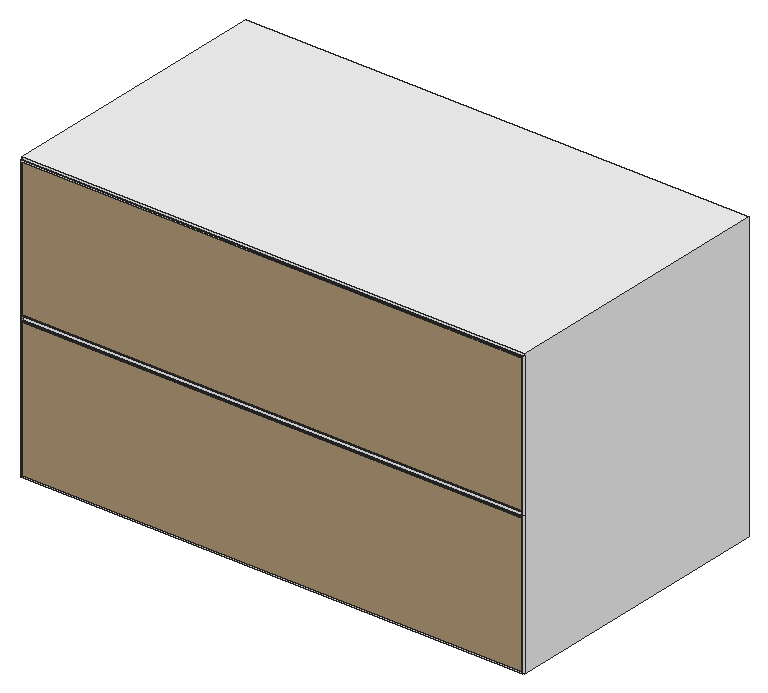
Revit family "vanity unit-hansgrohe-54190XXX-Xevolos E Vanity unit Matt White 980_550 with 2 drawers for consoles with countertop basin ground", category Furniture, Revit 2019
Family settings
  OmniClass Number = 23.40.00.00
  OmniClass Title = Equipment and Furnishings
  Work Plane-Based = No
  Always vertical = Yes
  Cut with Voids When Loaded = No
  Shared = Yes
  Room Calculation Point = No
Parameters (values of type "54190390-MATT_WHITE-PATTEREND_BRONZE-200")
  etim7_EC011381 = "EC011381"
  WEIGHT = "48.4"
  UNSPSC = "56 | Furniture and Furnishings"
  UNIFORMATII = "E2010 | Fixed Furnishings"
  UNICLASS_2015_CODE = "40_30_78_05"
  UNICLASS2015 = "Pr_40_30_78_05 | Bathroom furniture"
  SURFACE = "PATTEREND_BRONZE"
  REGION = "Worldwide"
  PRODUCTURL = "https://pro.hansgrohe.com/articledetail--54190320"
  PERMALINK = "54190XXX"
  OMNICLASS = "23-21 19 15 33 13 | Residential Bathroom Specialty Casework"
  OBJECTTYPE = "Object (single object)"
  OBERFLAECHE = "MATT_WHITE"
  NN = "Vanity unit with 2 drawers for consoles with countertop basin ground"
  NBSYN = "$ARTNR.-$OBERFLAECHE.-$SURFACE.-$LODLEVEL."
  NB = "54190390-MATT_WHITE-PATTEREND_BRONZE-200"
  NAME = "Xevolos E Vanity unit Matt White 980/550 with 2 drawers for consoles with countertop basin ground"
  Model = "54190390-MATT_WHITE-PATTEREND_BRONZE-200"
  Manufacturer = "Hansgrohe"
  MIdent = "{$CADENAS_DATA/23d-libs/hansgrohe/xevolos_furniture/e_vanity_unit_2_drawers_console_countertop_basin/vanity_unit_2drawers_consoles_countertop_basin.prj},291 {VTYP=3D},{NB=54190390-MATT_WHITE-PATTEREND_BRONZE-200},{LINA=54190390-MATT_WHITE-PATTEREND_BRONZE-200},{NN=Vanity unit with 2 drawers for consoles with countertop basin ground},{DATE=13.03.2023 11:45:48},{GEOMDATE=12.03.2023 06:32:00},{VERSION=},{LINEID=110},{WBVAR=LODLEVEL},{WBNUMERIC=}  {NB=54190390-MATT_WHITE-PATTEREND_BRONZE-200},{LINA=54190390-MATT_WHITE-PATTEREND_BRONZE-200},{KT=DUMMY},{IDNR=11},{ARTNR=54190390},{BASENUMBER=54190},{MODEL=54190XXX},{OBERFLAECHE=MATT_WHITE},{SURFACE=PATTEREND_BRONZE},{L=980},{LODLEVEL=200},{LODLEVELX='400','400','200','200'},{NAME=Xevolos E Vanity unit Matt White 980/550 with 2 drawers for consoles with countertop basin ground},{PERMALINK=54190XXX},{OBJECTTYPE=Object (single object)},{BIMOBJECT=Sanitary: Compound units},{COLLECTIONSET=Xevolos E},{COLLECTION=vanity unit},{WEIGHT=48.4},{DESCRIPTION=Xevolos E Vanity unit Matt White 980/550 with 2 drawers for consoles with countertop basin ground},{PRODUCTURL=https://pro.hansgrohe.com/articledetail--54190320},{GTINCODE=0},{TENDERURL=0},{IFC=Furnishing element},{ETIM=EC011381 | Bathroom furniture set},{UNICLASS2015=Pr_40_30_78_05 | Bathroom furniture},{OMNICLASS=23-21 19 15 33 13 | Residential Bathroom Specialty Casework},{MASTERFORMAT=12 35 30.23 | Bathroom Casework},{UNSPSC=56 | Furniture and Furnishings},{UNIFORMATII=E2010 | Fixed Furnishings},{REGION=Worldwide},{DESIGN=Germany},{MANUFACTURER=Germany}"
  MASTERFORMAT = "12 35 30.23 | Bathroom Casework"
  LODLEVEL = "200"
  LINA = "54190390-MATT_WHITE-PATTEREND_BRONZE-200"
  L = 980
  IFC = "Furnishing element"
  IDNR = 11
  ETIM = "EC011381 | Bathroom furniture set"
  DESIGN = "Germany"
  COLLECTIONSET = "Xevolos E"
  COLLECTION = "vanity unit"
  CATALOG = "Hansgrohe"
  BIMOBJECT = "Sanitary: Compound units"
  BASENUMBER = "54190"
  ARTNR = "54190390"
  54190730-MATT_WHITE-DARK_OAK-400_RX0RY0RZ0TX0TY0TZ0_V = no
  54190730-MATT_WHITE-DARK_OAK-200_RX0RY0RZ0TX0TY0TZ0_V = no
  54190390-MATT_WHITE-PATTEREND_BRONZE-400_RX0RY0RZ0TX0TY0TZ0_V = no
  54190390-MATT_WHITE-PATTEREND_BRONZE-200_RX0RY0RZ0TX0TY0TZ0_V = yes
  54190320-MATT_WHITE-METALLIC_WHITE-400_RX0RY0RZ0TX0TY0TZ0_V = no
  54190320-MATT_WHITE-METALLIC_WHITE-200_RX0RY0RZ0TX0TY0TZ0_V = no
Types (6, lengths in mm): name | SURFACE | NB | Model | MIdent | LODLEVEL | LINA | IDNR | ARTNR | 54190730-MATT_WHITE-DARK_OAK-400_RX0RY0RZ0TX0TY0TZ0_V | 54190730-MATT_WHITE-DARK_OAK-200_RX0RY0RZ0TX0TY0TZ0_V | 54190390-MATT_WHITE-PATTEREND_BRONZE-400_RX0RY0RZ0TX0TY0TZ0_V | 54190390-MATT_WHITE-PATTEREND_BRONZE-200_RX0RY0RZ0TX0TY0TZ0_V | 54190320-MATT_WHITE-METALLIC_WHITE-400_RX0RY0RZ0TX0TY0TZ0_V | 54190320-MATT_WHITE-METALLIC_WHITE-200_RX0RY0RZ0TX0TY0TZ0_V
  54190320-MATT_WHITE-METALLIC_WHITE-200 | "METALLIC_WHITE" | "54190320-MATT_WHITE-METALLIC_WHITE-200" | "54190320-MATT_WHITE-METALLIC_WHITE-200" | "{$CADENAS_DATA/23d-libs/hansgrohe/xevolos_furniture/e_vanity_unit_2_drawers_console_countertop_basin/vanity_unit_2drawers_consoles_countertop_basin.prj},287 {VTYP=3D},{NB=54190320-MATT_WHITE-METALLIC_WHITE-200},{LINA=54190320-MATT_WHITE-METALLIC_WHITE-200},{NN=Vanity unit with 2 drawers for consoles with countertop basin ground},{DATE=13.03.2023 11:45:48},{GEOMDATE=12.03.2023 06:32:00},{VERSION=},{LINEID=100},{WBVAR=LODLEVEL},{WBNUMERIC=}  {NB=54190320-MATT_WHITE-METALLIC_WHITE-200},{LINA=54190320-MATT_WHITE-METALLIC_WHITE-200},{KT=DUMMY},{IDNR=10},{ARTNR=54190320},{BASENUMBER=54190},{MODEL=54190XXX},{OBERFLAECHE=MATT_WHITE},{SURFACE=METALLIC_WHITE},{L=980},{LODLEVEL=200},{LODLEVELX='400','400','200','200'},{NAME=Xevolos E Vanity unit Matt White 980/550 with 2 drawers for consoles with countertop basin ground},{PERMALINK=54190XXX},{OBJECTTYPE=Object (single object)},{BIMOBJECT=Sanitary: Compound units},{COLLECTIONSET=Xevolos E},{COLLECTION=vanity unit},{WEIGHT=48.4},{DESCRIPTION=Xevolos E Vanity unit Matt White 980/550 with 2 drawers for consoles with countertop basin ground},{PRODUCTURL=https://pro.hansgrohe.com/articledetail--54190320},{GTINCODE=0},{TENDERURL=0},{IFC=Furnishing element},{ETIM=EC011381 | Bathroom furniture set},{UNICLASS2015=Pr_40_30_78_05 | Bathroom furniture},{OMNICLASS=23-21 19 15 33 13 | Residential Bathroom Specialty Casework},{MASTERFORMAT=12 35 30.23 | Bathroom Casework},{UNSPSC=56 | Furniture and Furnishings},{UNIFORMATII=E2010 | Fixed Furnishings},{REGION=Worldwide},{DESIGN=Germany},{MANUFACTURER=Germany}" | "200" | "54190320-MATT_WHITE-METALLIC_WHITE-200" | 10 | "54190320" | no | no | no | no | no | yes
  54190320-MATT_WHITE-METALLIC_WHITE-400 | "METALLIC_WHITE" | "54190320-MATT_WHITE-METALLIC_WHITE-400" | "54190320-MATT_WHITE-METALLIC_WHITE-400" | "{$CADENAS_DATA/23d-libs/hansgrohe/xevolos_furniture/e_vanity_unit_2_drawers_console_countertop_basin/vanity_unit_2drawers_consoles_countertop_basin.prj},287 {VTYP=3D},{NB=54190320-MATT_WHITE-METALLIC_WHITE-400},{LINA=54190320-MATT_WHITE-METALLIC_WHITE-400},{NN=Vanity unit with 2 drawers for consoles with countertop basin ground},{DATE=13.03.2023 11:45:48},{GEOMDATE=12.03.2023 06:32:00},{VERSION=},{LINEID=100},{WBVAR=LODLEVEL},{WBNUMERIC=}  {NB=54190320-MATT_WHITE-METALLIC_WHITE-400},{LINA=54190320-MATT_WHITE-METALLIC_WHITE-400},{KT=DUMMY},{IDNR=10},{ARTNR=54190320},{BASENUMBER=54190},{MODEL=54190XXX},{OBERFLAECHE=MATT_WHITE},{SURFACE=METALLIC_WHITE},{L=980},{LODLEVEL=400},{LODLEVELX='400','400','200','200'},{NAME=Xevolos E Vanity unit Matt White 980/550 with 2 drawers for consoles with countertop basin ground},{PERMALINK=54190XXX},{OBJECTTYPE=Object (single object)},{BIMOBJECT=Sanitary: Compound units},{COLLECTIONSET=Xevolos E},{COLLECTION=vanity unit},{WEIGHT=48.4},{DESCRIPTION=Xevolos E Vanity unit Matt White 980/550 with 2 drawers for consoles with countertop basin ground},{PRODUCTURL=https://pro.hansgrohe.com/articledetail--54190320},{GTINCODE=0},{TENDERURL=0},{IFC=Furnishing element},{ETIM=EC011381 | Bathroom furniture set},{UNICLASS2015=Pr_40_30_78_05 | Bathroom furniture},{OMNICLASS=23-21 19 15 33 13 | Residential Bathroom Specialty Casework},{MASTERFORMAT=12 35 30.23 | Bathroom Casework},{UNSPSC=56 | Furniture and Furnishings},{UNIFORMATII=E2010 | Fixed Furnishings},{REGION=Worldwide},{DESIGN=Germany},{MANUFACTURER=Germany}" | "400" | "54190320-MATT_WHITE-METALLIC_WHITE-400" | 10 | "54190320" | no | no | no | no | yes | no
  54190390-MATT_WHITE-PATTEREND_BRONZE-200 | "PATTEREND_BRONZE" | "54190390-MATT_WHITE-PATTEREND_BRONZE-200" | "54190390-MATT_WHITE-PATTEREND_BRONZE-200" | "{$CADENAS_DATA/23d-libs/hansgrohe/xevolos_furniture/e_vanity_unit_2_drawers_console_countertop_basin/vanity_unit_2drawers_consoles_countertop_basin.prj},291 {VTYP=3D},{NB=54190390-MATT_WHITE-PATTEREND_BRONZE-200},{LINA=54190390-MATT_WHITE-PATTEREND_BRONZE-200},{NN=Vanity unit with 2 drawers for consoles with countertop basin ground},{DATE=13.03.2023 11:45:48},{GEOMDATE=12.03.2023 06:32:00},{VERSION=},{LINEID=110},{WBVAR=LODLEVEL},{WBNUMERIC=}  {NB=54190390-MATT_WHITE-PATTEREND_BRONZE-200},{LINA=54190390-MATT_WHITE-PATTEREND_BRONZE-200},{KT=DUMMY},{IDNR=11},{ARTNR=54190390},{BASENUMBER=54190},{MODEL=54190XXX},{OBERFLAECHE=MATT_WHITE},{SURFACE=PATTEREND_BRONZE},{L=980},{LODLEVEL=200},{LODLEVELX='400','400','200','200'},{NAME=Xevolos E Vanity unit Matt White 980/550 with 2 drawers for consoles with countertop basin ground},{PERMALINK=54190XXX},{OBJECTTYPE=Object (single object)},{BIMOBJECT=Sanitary: Compound units},{COLLECTIONSET=Xevolos E},{COLLECTION=vanity unit},{WEIGHT=48.4},{DESCRIPTION=Xevolos E Vanity unit Matt White 980/550 with 2 drawers for consoles with countertop basin ground},{PRODUCTURL=https://pro.hansgrohe.com/articledetail--54190320},{GTINCODE=0},{TENDERURL=0},{IFC=Furnishing element},{ETIM=EC011381 | Bathroom furniture set},{UNICLASS2015=Pr_40_30_78_05 | Bathroom furniture},{OMNICLASS=23-21 19 15 33 13 | Residential Bathroom Specialty Casework},{MASTERFORMAT=12 35 30.23 | Bathroom Casework},{UNSPSC=56 | Furniture and Furnishings},{UNIFORMATII=E2010 | Fixed Furnishings},{REGION=Worldwide},{DESIGN=Germany},{MANUFACTURER=Germany}" | "200" | "54190390-MATT_WHITE-PATTEREND_BRONZE-200" | 11 | "54190390" | no | no | no | yes | no | no
  54190390-MATT_WHITE-PATTEREND_BRONZE-400 | "PATTEREND_BRONZE" | "54190390-MATT_WHITE-PATTEREND_BRONZE-400" | "54190390-MATT_WHITE-PATTEREND_BRONZE-400" | "{$CADENAS_DATA/23d-libs/hansgrohe/xevolos_furniture/e_vanity_unit_2_drawers_console_countertop_basin/vanity_unit_2drawers_consoles_countertop_basin.prj},291 {VTYP=3D},{NB=54190390-MATT_WHITE-PATTEREND_BRONZE-400},{LINA=54190390-MATT_WHITE-PATTEREND_BRONZE-400},{NN=Vanity unit with 2 drawers for consoles with countertop basin ground},{DATE=13.03.2023 11:45:48},{GEOMDATE=12.03.2023 06:32:00},{VERSION=},{LINEID=110},{WBVAR=LODLEVEL},{WBNUMERIC=}  {NB=54190390-MATT_WHITE-PATTEREND_BRONZE-400},{LINA=54190390-MATT_WHITE-PATTEREND_BRONZE-400},{KT=DUMMY},{IDNR=11},{ARTNR=54190390},{BASENUMBER=54190},{MODEL=54190XXX},{OBERFLAECHE=MATT_WHITE},{SURFACE=PATTEREND_BRONZE},{L=980},{LODLEVEL=400},{LODLEVELX='400','400','200','200'},{NAME=Xevolos E Vanity unit Matt White 980/550 with 2 drawers for consoles with countertop basin ground},{PERMALINK=54190XXX},{OBJECTTYPE=Object (single object)},{BIMOBJECT=Sanitary: Compound units},{COLLECTIONSET=Xevolos E},{COLLECTION=vanity unit},{WEIGHT=48.4},{DESCRIPTION=Xevolos E Vanity unit Matt White 980/550 with 2 drawers for consoles with countertop basin ground},{PRODUCTURL=https://pro.hansgrohe.com/articledetail--54190320},{GTINCODE=0},{TENDERURL=0},{IFC=Furnishing element},{ETIM=EC011381 | Bathroom furniture set},{UNICLASS2015=Pr_40_30_78_05 | Bathroom furniture},{OMNICLASS=23-21 19 15 33 13 | Residential Bathroom Specialty Casework},{MASTERFORMAT=12 35 30.23 | Bathroom Casework},{UNSPSC=56 | Furniture and Furnishings},{UNIFORMATII=E2010 | Fixed Furnishings},{REGION=Worldwide},{DESIGN=Germany},{MANUFACTURER=Germany}" | "400" | "54190390-MATT_WHITE-PATTEREND_BRONZE-400" | 11 | "54190390" | no | no | yes | no | no | no
  54190730-MATT_WHITE-DARK_OAK-200 | "DARK_OAK" | "54190730-MATT_WHITE-DARK_OAK-200" | "54190730-MATT_WHITE-DARK_OAK-200" | "{$CADENAS_DATA/23d-libs/hansgrohe/xevolos_furniture/e_vanity_unit_2_drawers_console_countertop_basin/vanity_unit_2drawers_consoles_countertop_basin.prj},275 {VTYP=3D},{NB=54190730-MATT_WHITE-DARK_OAK-200},{LINA=54190730-MATT_WHITE-DARK_OAK-200},{NN=Vanity unit with 2 drawers for consoles with countertop basin ground},{DATE=13.03.2023 11:45:48},{GEOMDATE=12.03.2023 06:32:00},{VERSION=},{LINEID=120},{WBVAR=LODLEVEL},{WBNUMERIC=}  {NB=54190730-MATT_WHITE-DARK_OAK-200},{LINA=54190730-MATT_WHITE-DARK_OAK-200},{KT=DUMMY},{IDNR=12},{ARTNR=54190730},{BASENUMBER=54190},{MODEL=54190XXX},{OBERFLAECHE=MATT_WHITE},{SURFACE=DARK_OAK},{L=980},{LODLEVEL=200},{LODLEVELX='400','400','200','200'},{NAME=Xevolos E Vanity unit Matt White 980/550 with 2 drawers for consoles with countertop basin ground},{PERMALINK=54190XXX},{OBJECTTYPE=Object (single object)},{BIMOBJECT=Sanitary: Compound units},{COLLECTIONSET=Xevolos E},{COLLECTION=vanity unit},{WEIGHT=48.4},{DESCRIPTION=Xevolos E Vanity unit Matt White 980/550 with 2 drawers for consoles with countertop basin ground},{PRODUCTURL=https://pro.hansgrohe.com/articledetail--54190320},{GTINCODE=0},{TENDERURL=0},{IFC=Furnishing element},{ETIM=EC011381 | Bathroom furniture set},{UNICLASS2015=Pr_40_30_78_05 | Bathroom furniture},{OMNICLASS=23-21 19 15 33 13 | Residential Bathroom Specialty Casework},{MASTERFORMAT=12 35 30.23 | Bathroom Casework},{UNSPSC=56 | Furniture and Furnishings},{UNIFORMATII=E2010 | Fixed Furnishings},{REGION=Worldwide},{DESIGN=Germany},{MANUFACTURER=Germany}" | "200" | "54190730-MATT_WHITE-DARK_OAK-200" | 12 | "54190730" | no | yes | no | no | no | no
  54190730-MATT_WHITE-DARK_OAK-400 | "DARK_OAK" | "54190730-MATT_WHITE-DARK_OAK-400" | "54190730-MATT_WHITE-DARK_OAK-400" | "{$CADENAS_DATA/23d-libs/hansgrohe/xevolos_furniture/e_vanity_unit_2_drawers_console_countertop_basin/vanity_unit_2drawers_consoles_countertop_basin.prj},275 {VTYP=3D},{NB=54190730-MATT_WHITE-DARK_OAK-400},{LINA=54190730-MATT_WHITE-DARK_OAK-400},{NN=Vanity unit with 2 drawers for consoles with countertop basin ground},{DATE=13.03.2023 11:45:48},{GEOMDATE=12.03.2023 06:32:00},{VERSION=},{LINEID=120},{WBVAR=LODLEVEL},{WBNUMERIC=}  {NB=54190730-MATT_WHITE-DARK_OAK-400},{LINA=54190730-MATT_WHITE-DARK_OAK-400},{KT=DUMMY},{IDNR=12},{ARTNR=54190730},{BASENUMBER=54190},{MODEL=54190XXX},{OBERFLAECHE=MATT_WHITE},{SURFACE=DARK_OAK},{L=980},{LODLEVEL=400},{LODLEVELX='400','400','200','200'},{NAME=Xevolos E Vanity unit Matt White 980/550 with 2 drawers for consoles with countertop basin ground},{PERMALINK=54190XXX},{OBJECTTYPE=Object (single object)},{BIMOBJECT=Sanitary: Compound units},{COLLECTIONSET=Xevolos E},{COLLECTION=vanity unit},{WEIGHT=48.4},{DESCRIPTION=Xevolos E Vanity unit Matt White 980/550 with 2 drawers for consoles with countertop basin ground},{PRODUCTURL=https://pro.hansgrohe.com/articledetail--54190320},{GTINCODE=0},{TENDERURL=0},{IFC=Furnishing element},{ETIM=EC011381 | Bathroom furniture set},{UNICLASS2015=Pr_40_30_78_05 | Bathroom furniture},{OMNICLASS=23-21 19 15 33 13 | Residential Bathroom Specialty Casework},{MASTERFORMAT=12 35 30.23 | Bathroom Casework},{UNSPSC=56 | Furniture and Furnishings},{UNIFORMATII=E2010 | Fixed Furnishings},{REGION=Worldwide},{DESIGN=Germany},{MANUFACTURER=Germany}" | "400" | "54190730-MATT_WHITE-DARK_OAK-400" | 12 | "54190730" | yes | no | no | no | no | no
Reference planes
  plane 1 "Center (Front/Back)": y = 0
  plane 2: z = 0
  plane 3 "Center (Left/Right)": x = 0
Dimensions and locks
  aligned and locked: level to plane 2
Nested families
  nested 1: "54190320-matt_white-metallic_white-200_content" at (0, 0, 0), visible <- "54190320-MATT_WHITE-METALLIC_WHITE-200_RX0RY0RZ0TX0TY0TZ0_V", ContentVisible <- "54190320-MATT_WHITE-METALLIC_WHITE-200_RX0RY0RZ0TX0TY0TZ0_V", type "54190320-MATT_WHITE-METALLIC_WHITE-200_Content"
    with ContentVisible no
  nested 2: "54190320-matt_white-metallic_white-400_content" at (0, 0, 0), visible <- "54190320-MATT_WHITE-METALLIC_WHITE-400_RX0RY0RZ0TX0TY0TZ0_V", ContentVisible <- "54190320-MATT_WHITE-METALLIC_WHITE-400_RX0RY0RZ0TX0TY0TZ0_V", type "54190320-MATT_WHITE-METALLIC_WHITE-400_Content"
    with ContentVisible no
  nested 3: "54190390-matt_white-patterend_bronze-200_content" at (0, 0, 0), visible <- "54190390-MATT_WHITE-PATTEREND_BRONZE-200_RX0RY0RZ0TX0TY0TZ0_V", ContentVisible <- "54190390-MATT_WHITE-PATTEREND_BRONZE-200_RX0RY0RZ0TX0TY0TZ0_V", type "54190390-MATT_WHITE-PATTEREND_BRONZE-200_Content"
    with ContentVisible yes
  nested 4: "54190390-matt_white-patterend_bronze-400_content" at (0, 0, 0), visible <- "54190390-MATT_WHITE-PATTEREND_BRONZE-400_RX0RY0RZ0TX0TY0TZ0_V", ContentVisible <- "54190390-MATT_WHITE-PATTEREND_BRONZE-400_RX0RY0RZ0TX0TY0TZ0_V", type "54190390-MATT_WHITE-PATTEREND_BRONZE-400_Content"
    with ContentVisible no
  nested 5: "54190730-matt_white-dark_oak-200_content" at (0, 0, 0), visible <- "54190730-MATT_WHITE-DARK_OAK-200_RX0RY0RZ0TX0TY0TZ0_V", ContentVisible <- "54190730-MATT_WHITE-DARK_OAK-200_RX0RY0RZ0TX0TY0TZ0_V", type "54190730-MATT_WHITE-DARK_OAK-200_Content"
    with ContentVisible no
  nested 6: "54190730-matt_white-dark_oak-400_content" at (0, 0, 0), visible <- "54190730-MATT_WHITE-DARK_OAK-400_RX0RY0RZ0TX0TY0TZ0_V", ContentVisible <- "54190730-MATT_WHITE-DARK_OAK-400_RX0RY0RZ0TX0TY0TZ0_V", type "54190730-MATT_WHITE-DARK_OAK-400_Content"
    with ContentVisible no
Definition of nested family "54190390-matt_white-patterend_bronze-200_content"
  Parameters (values of type "54190390-MATT_WHITE-PATTEREND_BRONZE-200_Content")
    etim7_EC011381 = "EC011381"
    WEIGHT = "48.4"
    UNSPSC = "56 | Furniture and Furnishings"
    UNIFORMATII = "E2010 | Fixed Furnishings"
    UNICLASS_2015_CODE = "40_30_78_05"
    UNICLASS2015 = "Pr_40_30_78_05 | Bathroom furniture"
    SURFACE = "PATTEREND_BRONZE"
    REGION = "Worldwide"
    PRODUCTURL = "https://pro.hansgrohe.com/articledetail--54190320"
    PERMALINK = "54190XXX"
    OMNICLASS = "23-21 19 15 33 13 | Residential Bathroom Specialty Casework"
    OBJECTTYPE = "Object (single object)"
    OBERFLAECHE = "MATT_WHITE"
    NN = "Vanity unit with 2 drawers for consoles with countertop basin ground"
    NBSYN = "$ARTNR.-$OBERFLAECHE.-$SURFACE.-$LODLEVEL."
    NB = "54190390-MATT_WHITE-PATTEREND_BRONZE-200"
    NAME = "Xevolos E Vanity unit Matt White 980/550 with 2 drawers for consoles with countertop basin ground"
    Model = "54190390-MATT_WHITE-PATTEREND_BRONZE-200"
    Manufacturer = "Hansgrohe"
    MASTERFORMAT = "12 35 30.23 | Bathroom Casework"
    LODLEVEL = "200"
    LINA = "54190390-MATT_WHITE-PATTEREND_BRONZE-200"
    L = 980
    IFC = "Furnishing element"
    IDNR = 11
    ETIM = "EC011381 | Bathroom furniture set"
    Default Elevation = 1219.2 mm
    DESIGN = "Germany"
    ContentVisible [instance] = yes
    COLLECTIONSET = "Xevolos E"
    COLLECTION = "vanity unit"
    CATALOG = "Hansgrohe"
    BIMOBJECT = "Sanitary: Compound units"
    BASENUMBER = "54190"
    ARTNR = "54190390"
  Reference planes
    plane 1 "Center (Front/Back)": y = 0
    plane 2: z = 0
    plane 3 "Center (Left/Right)": x = 0
  Forms (mm)
    Extrusion 1, solid, visible <- "ContentVisible", detail levels medium+fine
      sketch origin (0, 0, 0) x (1, 0, 0) y (0, 1, 0)
        loop
          line (-490, 0) -> (-490, -544.3) -> (490, -544.3) -> (490, 0) -> (-490, 0)
      from 0 to 558
    Extrusion 2, solid, visible <- "ContentVisible", detail levels medium+fine
      sketch origin (0, -544.3, 0) x (1, 0, 0) y (0, 0, -1)
        loop
          line (-490, -278) -> (-488, -278) -> (-488, -4) -> (488, -4) -> (488, -278) -> (490, -278) -> (490, -2) -> (-490, -2) -> (-490, -278)
      from -4 to 0
    Extrusion 3, solid, visible <- "ContentVisible", detail levels medium+fine
      sketch origin (0, -544.3, 0) x (1, 0, 0) y (0, 0, -1)
        loop
          line (-490, -278) -> (-490, -554) -> (490, -554) -> (490, -278) -> (488, -278) -> (488, -552) -> (-488, -552) -> (-488, -278) -> (-490, -278)
      from -4 to 0
    Extrusion 4, solid, visible <- "ContentVisible", detail levels medium+fine
      sketch origin (0, -544.3, 0) x (1, 0, 0) y (0, 0, -1)
        loop
          line (-488, -272.5) -> (488, -272.5) -> (488, -4) -> (-488, -4) -> (-488, -272.5)
      from -4 to 0
    Extrusion 5, solid, visible <- "ContentVisible", detail levels medium+fine
      sketch origin (0, -544.3, 0) x (1, 0, 0) y (0, 0, -1)
        loop
          line (-488, -554) -> (488, -554) -> (488, -285.5) -> (-488, -285.5) -> (-488, -554)
      from -4 to 0
    Extrusion 6, solid, visible <- "ContentVisible", detail levels medium+fine
      sketch origin (0, 0, 272.5) x (1, 0, 0) y (0, 1, 0)
        loop
          line (-488, -527) -> (-488, -548.3) -> (488, -548.3) -> (488, -527) -> (-488, -527)
      from 0 to 2
    Extrusion 7, solid, visible <- "ContentVisible", detail levels medium+fine
      sketch origin (0, 0, 285.5) x (1, 0, 0) y (0, 1, 0)
        loop
          line (-488, -527) -> (-488, -548.3) -> (488, -548.3) -> (488, -527) -> (-488, -527)
      from -2 to 0
    Extrusion 8, solid, visible <- "ContentVisible", detail levels coarse
      sketch origin (0, -274.15, 0) x (1, 0, 0) y (0, 1, 0)
        loop
          line (-490, -274.15) -> (490, -274.15) -> (490, 274.15) -> (-490, 274.15) -> (-490, -274.15)
      from 0 to 558
  Dimensions and locks
    aligned and locked: level to plane 2
Definition of nested family "54190320-matt_white-metallic_white-200_content"
  Parameters (values of type "54190320-MATT_WHITE-METALLIC_WHITE-200_Content")
    etim7_EC011381 = "EC011381"
    WEIGHT = "48.4"
    UNSPSC = "56 | Furniture and Furnishings"
    UNIFORMATII = "E2010 | Fixed Furnishings"
    UNICLASS_2015_CODE = "40_30_78_05"
    UNICLASS2015 = "Pr_40_30_78_05 | Bathroom furniture"
    SURFACE = "METALLIC_WHITE"
    REGION = "Worldwide"
    PRODUCTURL = "https://pro.hansgrohe.com/articledetail--54190320"
    PERMALINK = "54190XXX"
    OMNICLASS = "23-21 19 15 33 13 | Residential Bathroom Specialty Casework"
    OBJECTTYPE = "Object (single object)"
    OBERFLAECHE = "MATT_WHITE"
    NN = "Vanity unit with 2 drawers for consoles with countertop basin ground"
    NBSYN = "$ARTNR.-$OBERFLAECHE.-$SURFACE.-$LODLEVEL."
    NB = "54190320-MATT_WHITE-METALLIC_WHITE-200"
    NAME = "Xevolos E Vanity unit Matt White 980/550 with 2 drawers for consoles with countertop basin ground"
    Model = "54190320-MATT_WHITE-METALLIC_WHITE-200"
    Manufacturer = "Hansgrohe"
    MASTERFORMAT = "12 35 30.23 | Bathroom Casework"
    LODLEVEL = "200"
    LINA = "54190320-MATT_WHITE-METALLIC_WHITE-200"
    L = 980
    IFC = "Furnishing element"
    IDNR = 10
    ETIM = "EC011381 | Bathroom furniture set"
    Default Elevation = 1219.2 mm
    DESIGN = "Germany"
    ContentVisible [instance] = yes
    COLLECTIONSET = "Xevolos E"
    COLLECTION = "vanity unit"
    CATALOG = "Hansgrohe"
    BIMOBJECT = "Sanitary: Compound units"
    BASENUMBER = "54190"
    ARTNR = "54190320"
  Reference planes
    plane 1 "Center (Front/Back)": y = 0
    plane 2: z = 0
    plane 3 "Center (Left/Right)": x = 0
  Forms (mm)
    Extrusion 1, solid, visible <- "ContentVisible", detail levels medium+fine
      sketch origin (0, 0, 0) x (1, 0, 0) y (0, 1, 0)
        loop
          line (-490, 0) -> (-490, -544.3) -> (490, -544.3) -> (490, 0) -> (-490, 0)
      from 0 to 558
    Extrusion 2, solid, visible <- "ContentVisible", detail levels medium+fine
      sketch origin (0, -544.3, 0) x (1, 0, 0) y (0, 0, -1)
        loop
          line (-490, -278) -> (-488, -278) -> (-488, -4) -> (488, -4) -> (488, -278) -> (490, -278) -> (490, -2) -> (-490, -2) -> (-490, -278)
      from -4 to 0
    Extrusion 3, solid, visible <- "ContentVisible", detail levels medium+fine
      sketch origin (0, -544.3, 0) x (1, 0, 0) y (0, 0, -1)
        loop
          line (-490, -278) -> (-490, -554) -> (490, -554) -> (490, -278) -> (488, -278) -> (488, -552) -> (-488, -552) -> (-488, -278) -> (-490, -278)
      from -4 to 0
    Extrusion 4, solid, visible <- "ContentVisible", detail levels medium+fine
      sketch origin (0, -544.3, 0) x (1, 0, 0) y (0, 0, -1)
        loop
          line (-488, -272.5) -> (488, -272.5) -> (488, -4) -> (-488, -4) -> (-488, -272.5)
      from -4 to 0
    Extrusion 5, solid, visible <- "ContentVisible", detail levels medium+fine
      sketch origin (0, -544.3, 0) x (1, 0, 0) y (0, 0, -1)
        loop
          line (-488, -554) -> (488, -554) -> (488, -285.5) -> (-488, -285.5) -> (-488, -554)
      from -4 to 0
    Extrusion 6, solid, visible <- "ContentVisible", detail levels medium+fine
      sketch origin (0, 0, 272.5) x (1, 0, 0) y (0, 1, 0)
        loop
          line (-488, -527) -> (-488, -548.3) -> (488, -548.3) -> (488, -527) -> (-488, -527)
      from 0 to 2
    Extrusion 7, solid, visible <- "ContentVisible", detail levels medium+fine
      sketch origin (0, 0, 285.5) x (1, 0, 0) y (0, 1, 0)
        loop
          line (-488, -527) -> (-488, -548.3) -> (488, -548.3) -> (488, -527) -> (-488, -527)
      from -2 to 0
    Extrusion 8, solid, visible <- "ContentVisible", detail levels coarse
      sketch origin (0, -274.15, 0) x (1, 0, 0) y (0, 1, 0)
        loop
          line (-490, -274.15) -> (490, -274.15) -> (490, 274.15) -> (-490, 274.15) -> (-490, -274.15)
      from 0 to 558
  Dimensions and locks
    aligned and locked: level to plane 2
Definition of nested family "54190320-matt_white-metallic_white-400_content"
  Parameters (values of type "54190320-MATT_WHITE-METALLIC_WHITE-400_Content")
    etim7_EC011381 = "EC011381"
    WEIGHT = "48.4"
    UNSPSC = "56 | Furniture and Furnishings"
    UNIFORMATII = "E2010 | Fixed Furnishings"
    UNICLASS_2015_CODE = "40_30_78_05"
    UNICLASS2015 = "Pr_40_30_78_05 | Bathroom furniture"
    SURFACE = "METALLIC_WHITE"
    REGION = "Worldwide"
    PRODUCTURL = "https://pro.hansgrohe.com/articledetail--54190320"
    PERMALINK = "54190XXX"
    OMNICLASS = "23-21 19 15 33 13 | Residential Bathroom Specialty Casework"
    OBJECTTYPE = "Object (single object)"
    OBERFLAECHE = "MATT_WHITE"
    NN = "Vanity unit with 2 drawers for consoles with countertop basin ground"
    NBSYN = "$ARTNR.-$OBERFLAECHE.-$SURFACE.-$LODLEVEL."
    NB = "54190320-MATT_WHITE-METALLIC_WHITE-400"
    NAME = "Xevolos E Vanity unit Matt White 980/550 with 2 drawers for consoles with countertop basin ground"
    Model = "54190320-MATT_WHITE-METALLIC_WHITE-400"
    Manufacturer = "Hansgrohe"
    MASTERFORMAT = "12 35 30.23 | Bathroom Casework"
    LODLEVEL = "400"
    LINA = "54190320-MATT_WHITE-METALLIC_WHITE-400"
    L = 980
    IFC = "Furnishing element"
    IDNR = 10
    ETIM = "EC011381 | Bathroom furniture set"
    Default Elevation = 1219.2 mm
    DESIGN = "Germany"
    ContentVisible [instance] = yes
    COLLECTIONSET = "Xevolos E"
    COLLECTION = "vanity unit"
    CATALOG = "Hansgrohe"
    BIMOBJECT = "Sanitary: Compound units"
    BASENUMBER = "54190"
    ARTNR = "54190320"
  Reference planes
    plane 1 "Center (Front/Back)": y = 0
    plane 2: z = 0
    plane 3 "Center (Left/Right)": x = 0
  Forms (mm)
    Extrusion 1, solid, visible <- "ContentVisible", detail levels medium+fine
      sketch origin (0, 0, 0) x (1, 0, 0) y (0, 1, 0)
        loop
          line (-490, 0) -> (-490, -548.3) -> (-488, -548.3) -> (-488, -544.3) -> (-474, -544.3) -> (-474, 0) -> (-490, 0)
      from 0 to 558
    Extrusion 2, solid, visible <- "ContentVisible", detail levels medium+fine
      sketch origin (0, 0, 0) x (1, 0, 0) y (0, 1, 0)
        loop
          line (-474, -131.5) -> (-474, -498) -> (474, -498) -> (474, -131.5) -> (-474, -131.5)
      from 0 to 16
    Extrusion 3, solid, visible <- "ContentVisible", detail levels medium+fine
      sketch origin (0, 0, 0) x (1, 0, 0) y (0, 1, 0)
        loop
          line (474, 0) -> (474, -544.3) -> (488, -544.3) -> (488, -548.3) -> (490, -548.3) -> (490, 0) -> (474, 0)
      from 0 to 558
    Extrusion 4, solid, visible <- "ContentVisible", detail levels medium+fine
      sketch origin (0, 0, 0.5) x (1, 0, 0) y (0, 1, 0)
        loop
          line (-474, -115.5) -> (-474, -131.5) -> (474, -131.5) -> (474, -115.5) -> (-474, -115.5)
      from 0 to 126
    Extrusion 5, solid, visible <- "ContentVisible", detail levels medium+fine
      sketch origin (0, 0, 2) x (1, 0, 0) y (0, 1, 0)
        loop
          line (-488, -527) -> (-488, -548.3) -> (488, -548.3) -> (488, -527) -> (-488, -527)
      from 0 to 2
    Extrusion 6, solid, visible <- "ContentVisible", detail levels medium+fine
      sketch origin (0, 0, 556) x (1, 0, 0) y (0, 1, 0)
        loop
          line (-488, -527) -> (-488, -548.3) -> (488, -548.3) -> (488, -527) -> (-488, -527)
      from -2 to 0
    Extrusion 7, solid, visible <- "ContentVisible", detail levels medium+fine
      sketch origin (0, -544.3, 0) x (1, 0, 0) y (0, 0, -1)
        loop
          line (-488, -272.5) -> (488, -272.5) -> (488, -4) -> (-488, -4) -> (-488, -272.5)
      from -4 to 0
    Extrusion 8, solid, visible <- "ContentVisible", detail levels medium+fine
      sketch origin (0, -544.3, 0) x (1, 0, 0) y (0, 0, -1)
        loop
          line (-488, -554) -> (488, -554) -> (488, -285.5) -> (-488, -285.5) -> (-488, -554)
      from -4 to 0
    Extrusion 9, solid, visible <- "ContentVisible", detail levels medium+fine
      sketch origin (0, 0, 272.5) x (1, 0, 0) y (0, 1, 0)
        loop
          line (-488, -527) -> (-488, -548.3) -> (488, -548.3) -> (488, -527) -> (-488, -527)
      from 0 to 2
    Extrusion 10, solid, visible <- "ContentVisible", detail levels medium+fine
      sketch origin (0, 0, 285.5) x (1, 0, 0) y (0, 1, 0)
        loop
          line (-488, -527) -> (-488, -548.3) -> (488, -548.3) -> (488, -527) -> (-488, -527)
      from -2 to 0
    Extrusion 11, solid, visible <- "ContentVisible", detail levels medium+fine
      sketch origin (0, -544.3, 0) x (1, 0, 0) y (0, 0, -1)
        loop
          line (-488, -274.5) -> (488, -274.5) -> (488, -4.5) -> (-488, -4.5) -> (-488, -274.5)
        loop
          line (-414, -78) -> (-414, -272.5) -> (414, -272.5) -> (414, -78) -> (-414, -78)
      from 0 to 17
    Extrusion 12, solid, visible <- "ContentVisible", detail levels medium+fine
      sketch origin (0, -544.3, 0) x (1, 0, 0) y (0, 0, -1)
        loop
          line (-488, -553.5) -> (-412, -553.5) -> (-412, -361.5) -> (412, -361.5) -> (412, -553.5) -> (488, -553.5) -> (488, -285.5) -> (-488, -285.5) -> (-488, -553.5)
      from 0 to 17
    Extrusion 13, solid, visible <- "ContentVisible", detail levels medium+fine
      sketch origin (0, 0, 0) x (0, 0, -1) y (0, 1, 0)
        loop
          line (-285, -395.5) -> (-285, -520) -> (-269, -520) -> (-269, -395.5) -> (-285, -395.5)
      from -474 to 474
    Extrusion 14, solid, visible <- "ContentVisible", detail levels medium+fine
      sketch origin (0, 0, 557.5) x (1, 0, 0) y (0, 1, 0)
        loop
          line (-474, -521.5) -> (474, -521.5) -> (474, -23) -> (150, -23) -> (150, -273)
          arc (150, -273) -> (120.711, -343.711) -> (50, -373) r 100
          line (50, -373) -> (-50, -373)
          arc (-50, -373) -> (-120.711, -343.711) -> (-150, -273) r 100
          line (-150, -273) -> (-150, -23) -> (-474, -23) -> (-474, -521.5)
      from -16 to 0
    Extrusion 15, solid, visible <- "ContentVisible", detail levels coarse
      sketch origin (0, -274.15, 0) x (1, 0, 0) y (0, 1, 0)
        loop
          line (-490, -274.15) -> (490, -274.15) -> (490, 274.15) -> (-490, 274.15) -> (-490, -274.15)
      from 0 to 558
  Dimensions and locks
    aligned and locked: level to plane 2
Definition of nested family "54190390-matt_white-patterend_bronze-400_content"
  Parameters (values of type "54190390-MATT_WHITE-PATTEREND_BRONZE-400_Content")
    etim7_EC011381 = "EC011381"
    WEIGHT = "48.4"
    UNSPSC = "56 | Furniture and Furnishings"
    UNIFORMATII = "E2010 | Fixed Furnishings"
    UNICLASS_2015_CODE = "40_30_78_05"
    UNICLASS2015 = "Pr_40_30_78_05 | Bathroom furniture"
    SURFACE = "PATTEREND_BRONZE"
    REGION = "Worldwide"
    PRODUCTURL = "https://pro.hansgrohe.com/articledetail--54190320"
    PERMALINK = "54190XXX"
    OMNICLASS = "23-21 19 15 33 13 | Residential Bathroom Specialty Casework"
    OBJECTTYPE = "Object (single object)"
    OBERFLAECHE = "MATT_WHITE"
    NN = "Vanity unit with 2 drawers for consoles with countertop basin ground"
    NBSYN = "$ARTNR.-$OBERFLAECHE.-$SURFACE.-$LODLEVEL."
    NB = "54190390-MATT_WHITE-PATTEREND_BRONZE-400"
    NAME = "Xevolos E Vanity unit Matt White 980/550 with 2 drawers for consoles with countertop basin ground"
    Model = "54190390-MATT_WHITE-PATTEREND_BRONZE-400"
    Manufacturer = "Hansgrohe"
    MASTERFORMAT = "12 35 30.23 | Bathroom Casework"
    LODLEVEL = "400"
    LINA = "54190390-MATT_WHITE-PATTEREND_BRONZE-400"
    L = 980
    IFC = "Furnishing element"
    IDNR = 11
    ETIM = "EC011381 | Bathroom furniture set"
    Default Elevation = 1219.2 mm
    DESIGN = "Germany"
    ContentVisible [instance] = yes
    COLLECTIONSET = "Xevolos E"
    COLLECTION = "vanity unit"
    CATALOG = "Hansgrohe"
    BIMOBJECT = "Sanitary: Compound units"
    BASENUMBER = "54190"
    ARTNR = "54190390"
  Reference planes
    plane 1 "Center (Front/Back)": y = 0
    plane 2: z = 0
    plane 3 "Center (Left/Right)": x = 0
  Forms (mm)
    Extrusion 1, solid, visible <- "ContentVisible", detail levels medium+fine
      sketch origin (0, 0, 0) x (1, 0, 0) y (0, 1, 0)
        loop
          line (-490, 0) -> (-490, -548.3) -> (-488, -548.3) -> (-488, -544.3) -> (-474, -544.3) -> (-474, 0) -> (-490, 0)
      from 0 to 558
    Extrusion 2, solid, visible <- "ContentVisible", detail levels medium+fine
      sketch origin (0, 0, 0) x (1, 0, 0) y (0, 1, 0)
        loop
          line (-474, -131.5) -> (-474, -498) -> (474, -498) -> (474, -131.5) -> (-474, -131.5)
      from 0 to 16
    Extrusion 3, solid, visible <- "ContentVisible", detail levels medium+fine
      sketch origin (0, 0, 0) x (1, 0, 0) y (0, 1, 0)
        loop
          line (474, 0) -> (474, -544.3) -> (488, -544.3) -> (488, -548.3) -> (490, -548.3) -> (490, 0) -> (474, 0)
      from 0 to 558
    Extrusion 4, solid, visible <- "ContentVisible", detail levels medium+fine
      sketch origin (0, 0, 0.5) x (1, 0, 0) y (0, 1, 0)
        loop
          line (-474, -115.5) -> (-474, -131.5) -> (474, -131.5) -> (474, -115.5) -> (-474, -115.5)
      from 0 to 126
    Extrusion 5, solid, visible <- "ContentVisible", detail levels medium+fine
      sketch origin (0, 0, 2) x (1, 0, 0) y (0, 1, 0)
        loop
          line (-488, -527) -> (-488, -548.3) -> (488, -548.3) -> (488, -527) -> (-488, -527)
      from 0 to 2
    Extrusion 6, solid, visible <- "ContentVisible", detail levels medium+fine
      sketch origin (0, 0, 556) x (1, 0, 0) y (0, 1, 0)
        loop
          line (-488, -527) -> (-488, -548.3) -> (488, -548.3) -> (488, -527) -> (-488, -527)
      from -2 to 0
    Extrusion 7, solid, visible <- "ContentVisible", detail levels medium+fine
      sketch origin (0, -544.3, 0) x (1, 0, 0) y (0, 0, -1)
        loop
          line (-488, -272.5) -> (488, -272.5) -> (488, -4) -> (-488, -4) -> (-488, -272.5)
      from -4 to 0
    Extrusion 8, solid, visible <- "ContentVisible", detail levels medium+fine
      sketch origin (0, -544.3, 0) x (1, 0, 0) y (0, 0, -1)
        loop
          line (-488, -554) -> (488, -554) -> (488, -285.5) -> (-488, -285.5) -> (-488, -554)
      from -4 to 0
    Extrusion 9, solid, visible <- "ContentVisible", detail levels medium+fine
      sketch origin (0, 0, 272.5) x (1, 0, 0) y (0, 1, 0)
        loop
          line (-488, -527) -> (-488, -548.3) -> (488, -548.3) -> (488, -527) -> (-488, -527)
      from 0 to 2
    Extrusion 10, solid, visible <- "ContentVisible", detail levels medium+fine
      sketch origin (0, 0, 285.5) x (1, 0, 0) y (0, 1, 0)
        loop
          line (-488, -527) -> (-488, -548.3) -> (488, -548.3) -> (488, -527) -> (-488, -527)
      from -2 to 0
    Extrusion 11, solid, visible <- "ContentVisible", detail levels medium+fine
      sketch origin (0, -544.3, 0) x (1, 0, 0) y (0, 0, -1)
        loop
          line (-488, -274.5) -> (488, -274.5) -> (488, -4.5) -> (-488, -4.5) -> (-488, -274.5)
        loop
          line (-414, -78) -> (-414, -272.5) -> (414, -272.5) -> (414, -78) -> (-414, -78)
      from 0 to 17
    Extrusion 12, solid, visible <- "ContentVisible", detail levels medium+fine
      sketch origin (0, -544.3, 0) x (1, 0, 0) y (0, 0, -1)
        loop
          line (-488, -553.5) -> (-412, -553.5) -> (-412, -361.5) -> (412, -361.5) -> (412, -553.5) -> (488, -553.5) -> (488, -285.5) -> (-488, -285.5) -> (-488, -553.5)
      from 0 to 17
    Extrusion 13, solid, visible <- "ContentVisible", detail levels medium+fine
      sketch origin (0, 0, 0) x (0, 0, -1) y (0, 1, 0)
        loop
          line (-285, -395.5) -> (-285, -520) -> (-269, -520) -> (-269, -395.5) -> (-285, -395.5)
      from -474 to 474
    Extrusion 14, solid, visible <- "ContentVisible", detail levels medium+fine
      sketch origin (0, 0, 557.5) x (1, 0, 0) y (0, 1, 0)
        loop
          line (-474, -521.5) -> (474, -521.5) -> (474, -23) -> (150, -23) -> (150, -273)
          arc (150, -273) -> (120.711, -343.711) -> (50, -373) r 100
          line (50, -373) -> (-50, -373)
          arc (-50, -373) -> (-120.711, -343.711) -> (-150, -273) r 100
          line (-150, -273) -> (-150, -23) -> (-474, -23) -> (-474, -521.5)
      from -16 to 0
    Extrusion 15, solid, visible <- "ContentVisible", detail levels coarse
      sketch origin (0, -274.15, 0) x (1, 0, 0) y (0, 1, 0)
        loop
          line (-490, -274.15) -> (490, -274.15) -> (490, 274.15) -> (-490, 274.15) -> (-490, -274.15)
      from 0 to 558
  Dimensions and locks
    aligned and locked: level to plane 2
Definition of nested family "54190730-matt_white-dark_oak-200_content"
  Parameters (values of type "54190730-MATT_WHITE-DARK_OAK-200_Content")
    etim7_EC011381 = "EC011381"
    WEIGHT = "48.4"
    UNSPSC = "56 | Furniture and Furnishings"
    UNIFORMATII = "E2010 | Fixed Furnishings"
    UNICLASS_2015_CODE = "40_30_78_05"
    UNICLASS2015 = "Pr_40_30_78_05 | Bathroom furniture"
    SURFACE = "DARK_OAK"
    REGION = "Worldwide"
    PRODUCTURL = "https://pro.hansgrohe.com/articledetail--54190320"
    PERMALINK = "54190XXX"
    OMNICLASS = "23-21 19 15 33 13 | Residential Bathroom Specialty Casework"
    OBJECTTYPE = "Object (single object)"
    OBERFLAECHE = "MATT_WHITE"
    NN = "Vanity unit with 2 drawers for consoles with countertop basin ground"
    NBSYN = "$ARTNR.-$OBERFLAECHE.-$SURFACE.-$LODLEVEL."
    NB = "54190730-MATT_WHITE-DARK_OAK-200"
    NAME = "Xevolos E Vanity unit Matt White 980/550 with 2 drawers for consoles with countertop basin ground"
    Model = "54190730-MATT_WHITE-DARK_OAK-200"
    Manufacturer = "Hansgrohe"
    MASTERFORMAT = "12 35 30.23 | Bathroom Casework"
    LODLEVEL = "200"
    LINA = "54190730-MATT_WHITE-DARK_OAK-200"
    L = 980
    IFC = "Furnishing element"
    IDNR = 12
    ETIM = "EC011381 | Bathroom furniture set"
    Default Elevation = 1219.2 mm
    DESIGN = "Germany"
    ContentVisible [instance] = yes
    COLLECTIONSET = "Xevolos E"
    COLLECTION = "vanity unit"
    CATALOG = "Hansgrohe"
    BIMOBJECT = "Sanitary: Compound units"
    BASENUMBER = "54190"
    ARTNR = "54190730"
  Reference planes
    plane 1 "Center (Front/Back)": y = 0
    plane 2: z = 0
    plane 3 "Center (Left/Right)": x = 0
  Forms (mm)
    Extrusion 1, solid, visible <- "ContentVisible", detail levels medium+fine
      sketch origin (0, 0, 0) x (1, 0, 0) y (0, 1, 0)
        loop
          line (-490, 0) -> (-490, -544.3) -> (490, -544.3) -> (490, 0) -> (-490, 0)
      from 0 to 558
    Extrusion 2, solid, visible <- "ContentVisible", detail levels medium+fine
      sketch origin (0, -544.3, 0) x (1, 0, 0) y (0, 0, -1)
        loop
          line (-490, -278) -> (-488, -278) -> (-488, -4) -> (488, -4) -> (488, -278) -> (490, -278) -> (490, -2) -> (-490, -2) -> (-490, -278)
      from -4 to 0
    Extrusion 3, solid, visible <- "ContentVisible", detail levels medium+fine
      sketch origin (0, -544.3, 0) x (1, 0, 0) y (0, 0, -1)
        loop
          line (-490, -278) -> (-490, -554) -> (490, -554) -> (490, -278) -> (488, -278) -> (488, -552) -> (-488, -552) -> (-488, -278) -> (-490, -278)
      from -4 to 0
    Extrusion 4, solid, visible <- "ContentVisible", detail levels medium+fine
      sketch origin (0, -544.3, 0) x (1, 0, 0) y (0, 0, -1)
        loop
          line (-488, -272.5) -> (488, -272.5) -> (488, -4) -> (-488, -4) -> (-488, -272.5)
      from -4 to 0
    Extrusion 5, solid, visible <- "ContentVisible", detail levels medium+fine
      sketch origin (0, -544.3, 0) x (1, 0, 0) y (0, 0, -1)
        loop
          line (-488, -554) -> (488, -554) -> (488, -285.5) -> (-488, -285.5) -> (-488, -554)
      from -4 to 0
    Extrusion 6, solid, visible <- "ContentVisible", detail levels medium+fine
      sketch origin (0, 0, 272.5) x (1, 0, 0) y (0, 1, 0)
        loop
          line (-488, -527) -> (-488, -548.3) -> (488, -548.3) -> (488, -527) -> (-488, -527)
      from 0 to 2
    Extrusion 7, solid, visible <- "ContentVisible", detail levels medium+fine
      sketch origin (0, 0, 285.5) x (1, 0, 0) y (0, 1, 0)
        loop
          line (-488, -527) -> (-488, -548.3) -> (488, -548.3) -> (488, -527) -> (-488, -527)
      from -2 to 0
    Extrusion 8, solid, visible <- "ContentVisible", detail levels coarse
      sketch origin (0, -274.15, 0) x (1, 0, 0) y (0, 1, 0)
        loop
          line (-490, -274.15) -> (490, -274.15) -> (490, 274.15) -> (-490, 274.15) -> (-490, -274.15)
      from 0 to 558
  Dimensions and locks
    aligned and locked: level to plane 2
Definition of nested family "54190730-matt_white-dark_oak-400_content"
  Parameters (values of type "54190730-MATT_WHITE-DARK_OAK-400_Content")
    etim7_EC011381 = "EC011381"
    WEIGHT = "48.4"
    UNSPSC = "56 | Furniture and Furnishings"
    UNIFORMATII = "E2010 | Fixed Furnishings"
    UNICLASS_2015_CODE = "40_30_78_05"
    UNICLASS2015 = "Pr_40_30_78_05 | Bathroom furniture"
    SURFACE = "DARK_OAK"
    REGION = "Worldwide"
    PRODUCTURL = "https://pro.hansgrohe.com/articledetail--54190320"
    PERMALINK = "54190XXX"
    OMNICLASS = "23-21 19 15 33 13 | Residential Bathroom Specialty Casework"
    OBJECTTYPE = "Object (single object)"
    OBERFLAECHE = "MATT_WHITE"
    NN = "Vanity unit with 2 drawers for consoles with countertop basin ground"
    NBSYN = "$ARTNR.-$OBERFLAECHE.-$SURFACE.-$LODLEVEL."
    NB = "54190730-MATT_WHITE-DARK_OAK-400"
    NAME = "Xevolos E Vanity unit Matt White 980/550 with 2 drawers for consoles with countertop basin ground"
    Model = "54190730-MATT_WHITE-DARK_OAK-400"
    Manufacturer = "Hansgrohe"
    MASTERFORMAT = "12 35 30.23 | Bathroom Casework"
    LODLEVEL = "400"
    LINA = "54190730-MATT_WHITE-DARK_OAK-400"
    L = 980
    IFC = "Furnishing element"
    IDNR = 12
    ETIM = "EC011381 | Bathroom furniture set"
    Default Elevation = 1219.2 mm
    DESIGN = "Germany"
    ContentVisible [instance] = yes
    COLLECTIONSET = "Xevolos E"
    COLLECTION = "vanity unit"
    CATALOG = "Hansgrohe"
    BIMOBJECT = "Sanitary: Compound units"
    BASENUMBER = "54190"
    ARTNR = "54190730"
  Reference planes
    plane 1 "Center (Front/Back)": y = 0
    plane 2: z = 0
    plane 3 "Center (Left/Right)": x = 0
  Forms (mm)
    Extrusion 1, solid, visible <- "ContentVisible", detail levels medium+fine
      sketch origin (0, 0, 0) x (1, 0, 0) y (0, 1, 0)
        loop
          line (-490, 0) -> (-490, -548.3) -> (-488, -548.3) -> (-488, -544.3) -> (-474, -544.3) -> (-474, 0) -> (-490, 0)
      from 0 to 558
    Extrusion 2, solid, visible <- "ContentVisible", detail levels medium+fine
      sketch origin (0, 0, 0) x (1, 0, 0) y (0, 1, 0)
        loop
          line (-474, -131.5) -> (-474, -498) -> (474, -498) -> (474, -131.5) -> (-474, -131.5)
      from 0 to 16
    Extrusion 3, solid, visible <- "ContentVisible", detail levels medium+fine
      sketch origin (0, 0, 0) x (1, 0, 0) y (0, 1, 0)
        loop
          line (474, 0) -> (474, -544.3) -> (488, -544.3) -> (488, -548.3) -> (490, -548.3) -> (490, 0) -> (474, 0)
      from 0 to 558
    Extrusion 4, solid, visible <- "ContentVisible", detail levels medium+fine
      sketch origin (0, 0, 0.5) x (1, 0, 0) y (0, 1, 0)
        loop
          line (-474, -115.5) -> (-474, -131.5) -> (474, -131.5) -> (474, -115.5) -> (-474, -115.5)
      from 0 to 126
    Extrusion 5, solid, visible <- "ContentVisible", detail levels medium+fine
      sketch origin (0, 0, 2) x (1, 0, 0) y (0, 1, 0)
        loop
          line (-488, -527) -> (-488, -548.3) -> (488, -548.3) -> (488, -527) -> (-488, -527)
      from 0 to 2
    Extrusion 6, solid, visible <- "ContentVisible", detail levels medium+fine
      sketch origin (0, 0, 556) x (1, 0, 0) y (0, 1, 0)
        loop
          line (-488, -527) -> (-488, -548.3) -> (488, -548.3) -> (488, -527) -> (-488, -527)
      from -2 to 0
    Extrusion 7, solid, visible <- "ContentVisible", detail levels medium+fine
      sketch origin (0, -544.3, 0) x (1, 0, 0) y (0, 0, -1)
        loop
          line (-488, -272.5) -> (488, -272.5) -> (488, -4) -> (-488, -4) -> (-488, -272.5)
      from -4 to 0
    Extrusion 8, solid, visible <- "ContentVisible", detail levels medium+fine
      sketch origin (0, -544.3, 0) x (1, 0, 0) y (0, 0, -1)
        loop
          line (-488, -554) -> (488, -554) -> (488, -285.5) -> (-488, -285.5) -> (-488, -554)
      from -4 to 0
    Extrusion 9, solid, visible <- "ContentVisible", detail levels medium+fine
      sketch origin (0, 0, 272.5) x (1, 0, 0) y (0, 1, 0)
        loop
          line (-488, -527) -> (-488, -548.3) -> (488, -548.3) -> (488, -527) -> (-488, -527)
      from 0 to 2
    Extrusion 10, solid, visible <- "ContentVisible", detail levels medium+fine
      sketch origin (0, 0, 285.5) x (1, 0, 0) y (0, 1, 0)
        loop
          line (-488, -527) -> (-488, -548.3) -> (488, -548.3) -> (488, -527) -> (-488, -527)
      from -2 to 0
    Extrusion 11, solid, visible <- "ContentVisible", detail levels medium+fine
      sketch origin (0, -544.3, 0) x (1, 0, 0) y (0, 0, -1)
        loop
          line (-488, -274.5) -> (488, -274.5) -> (488, -4.5) -> (-488, -4.5) -> (-488, -274.5)
        loop
          line (-414, -78) -> (-414, -272.5) -> (414, -272.5) -> (414, -78) -> (-414, -78)
      from 0 to 17
    Extrusion 12, solid, visible <- "ContentVisible", detail levels medium+fine
      sketch origin (0, -544.3, 0) x (1, 0, 0) y (0, 0, -1)
        loop
          line (-488, -553.5) -> (-412, -553.5) -> (-412, -361.5) -> (412, -361.5) -> (412, -553.5) -> (488, -553.5) -> (488, -285.5) -> (-488, -285.5) -> (-488, -553.5)
      from 0 to 17
    Extrusion 13, solid, visible <- "ContentVisible", detail levels medium+fine
      sketch origin (0, 0, 0) x (0, 0, -1) y (0, 1, 0)
        loop
          line (-285, -395.5) -> (-285, -520) -> (-269, -520) -> (-269, -395.5) -> (-285, -395.5)
      from -474 to 474
    Extrusion 14, solid, visible <- "ContentVisible", detail levels medium+fine
      sketch origin (0, 0, 557.5) x (1, 0, 0) y (0, 1, 0)
        loop
          line (-474, -521.5) -> (474, -521.5) -> (474, -23) -> (150, -23) -> (150, -273)
          arc (150, -273) -> (120.711, -343.711) -> (50, -373) r 100
          line (50, -373) -> (-50, -373)
          arc (-50, -373) -> (-120.711, -343.711) -> (-150, -273) r 100
          line (-150, -273) -> (-150, -23) -> (-474, -23) -> (-474, -521.5)
      from -16 to 0
    Extrusion 15, solid, visible <- "ContentVisible", detail levels coarse
      sketch origin (0, -274.15, 0) x (1, 0, 0) y (0, 1, 0)
        loop
          line (-490, -274.15) -> (490, -274.15) -> (490, 274.15) -> (-490, 274.15) -> (-490, -274.15)
      from 0 to 558
  Dimensions and locks
    aligned and locked: level to plane 2
